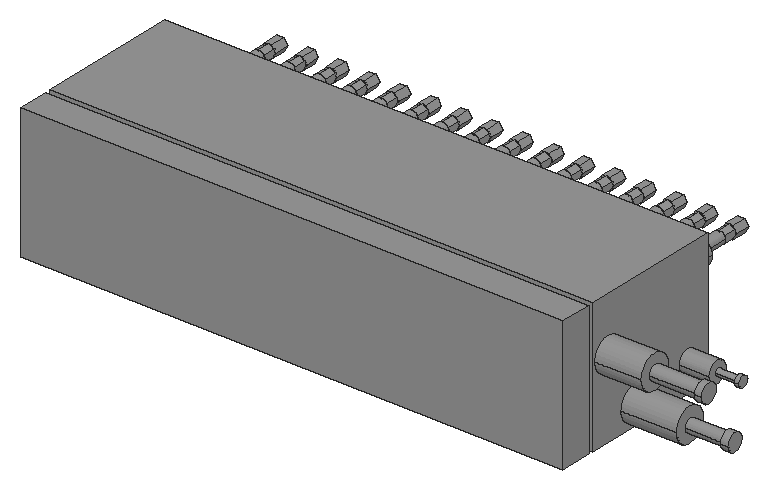
Revit family "BC_Hitachi_CH-BOX-CH-AP16MSSX_LOD400", category Equipement de génie climatique, Revit 2015
Parameters (values of type "CH-AP16MSSX")
  Refrigerant Liquid Pipe connections Diameter = 9.52 mm
  Refrigerant Gas Pipe connections Diameter = 15.88 mm
  Refrigerant Gas Low Pressure Diameter = 25.60 mm
  Refrigerant Liquid Diameter = 12.90 mm
  Rated Frequency (Hz) = "50"
  Product Code = "60292163"
  Overall Width = 1060.00 mm
  Overall Height = 260.00 mm
  Overall Depth = 352.00 mm
  Nominal Voltage = 230 V
  Modèle = "Multi CH-Box"
  Material Pipe = Résine phénolique
  Material Connector = Laiton
  Material Box = Zinc
  Mass = 47.00 kg
  Gas Diameter = 28.58 mm
  Fabricant = "Hitachi"
  Description = "Multi CH-Box 16 branches"
  Commentaires du type = "CH-AP16MSSX"
  CALC_Refrigerant Gas Right = 89.00 mm
  CALC_Refrigerant Gas Low Pressure Diameter = Refrigerant Gas Low Pressure Diameter + 15.00 mm / 2  # 33.10 mm
  CALC_Refrigerant Gas L Left = 250.00 mm
  CALC_Refrigerant Gas High_Low Pressure Diameter = Gas Diameter + 15.00 mm / 2  # 36.08 mm
  CALC_Refrigerant Gas HL Left = 200.00 mm
  CALC_Refrigerant Gas Diameter = Refrigerant Liquid Diameter + 15.00 mm / 2  # 20.40 mm
  CALC_BOX Width = 303.00 mm
Reference planes
  plane 1 "Centre (avant/arrière)": y = 0
  plane 2: z = 0
  plane 3 "Centre (gauche/droite)": x = 0
  plane 4: z = 260
  plane 5 "Back": y = 176
  plane 6 "Front": y = -176
  plane 7 "Left": x = -1060
  plane 8: z = 155
  plane 9: z = 60
  plane 10: y = 375
  plane 11: y = 262
  plane 12: x = 110
  plane 13: x = 198
  plane 14: y = -4
  plane 15: z = 42
  plane 16: z = 156
  plane 17: y = -68
  plane 18: z = 60
  plane 19: y = 126
  plane 20: x = 61.245
  plane 21: x = 175.543
Forms (mm)
  Extrusion 1, solid, material "Zinc" <- "Material Box"
    sketch origin (0, 0, 0) x (1, 0, 0) y (0, 1, 0)
      loop
        line (0, 176) -> (-1060, 176) -> (-1060, -176) -> (0, -176) -> (0, 176)
    from 0 to 260
  Extrusion 2, solid, material "Résine phénolique" <- "Material Pipe"
    sketch origin (0, 0, 75) x (0, 1, 0) y (0, 0, 1)
      loop
        circle (-4, -33) r 32.5
    from 0 to 110
  Extrusion 3, solid, material "Résine phénolique" <- "Material Pipe"
    sketch origin (0, 46.823, 0) x (0, 1, 0) y (0, 0, 1)
      loop
        circle (-114.823, 156) r 32.5
    from 0 to 92.169
  Extrusion 4, solid, material "Résine phénolique" <- "Material Pipe"
    sketch origin (0, 146.283, 43.123) x (0, 1, 0) y (0, 0, 1)
      loop
        circle (-20.283, 16.877) r 20
    from 0 to 59.808
  Extrusion 5, solid, material "Laiton" <- "Material Connector"
    sketch origin (151.5, 0, 0) x (0, -1, 0) y (0, 0, 1)
      loop
        circle (68, 156) r 14.29
    from -33.5 to 59.331
  Extrusion 6, solid, material "Laiton" <- "Material Connector"
    sketch origin (151.5, 0, 0) x (0, -1, 0) y (0, 0, 1)
      loop
        circle (68, 156) r 18.04
    from -46.5 to -33.5
  Extrusion 7, solid, material "Laiton" <- "Material Connector"
    sketch origin (151.5, 0, 0) x (0, -1, 0) y (0, 0, 1)
      loop
        circle (4, 42) r 12.8
    from -31.308 to 41.5
  Extrusion 8, solid, material "Laiton" <- "Material Connector"
    sketch origin (151.5, 0, 0) x (0, -1, 0) y (0, 0, 1)
      loop
        circle (4, 42) r 16.55
    from -46.5 to -31.308
  Extrusion 9, solid, material "Laiton" <- "Material Connector"
    sketch origin (151.5, 0, 0) x (0, -1, 0) y (0, 0, 1)
      loop
        circle (-126, 60) r 6.45
    from 49.363 to 91.692
  Extrusion 10, solid, material "Laiton" <- "Material Connector"
    sketch origin (151.5, 0, 0) x (0, -1, 0) y (0, 0, 1)
      loop
        circle (-126, 60) r 10.2
    from 41.5 to 49.363
  Sweep 11, void
    path in 3D
      loop
        line (0, -109, 260) -> (0, -109, 0) -> (-1060, -109, 0) -> (-1060, -109, 260) -> (0, -109, 260)
    profile origin (-530, -109, 260) x (0, 1, 0) y (0, 0, 1)
      loop
        line (5, 0) -> (-5, 0) -> (-5, -10) -> (5, -10) -> (5, 0)
Cuts and joins
  Sweep 11 cuts Extrusion 1
Lines and regions (mm)
  model lines, style "InvisibleLines", not visible
    curve 1: line (-1060, -109, 0) -> (0, -109, 0)
    curve 2: line (-1060, -109, 260) -> (0, -109, 260)
    curve 4: line (-1060, -109, 260) -> (-1060, -109, 0)
    curve 9: line (0, -109, 260) -> (0, -109, 0)
  model lines, style "InvisibleLines"
    curve 3: line (0, -109, 260) -> (0, -109, 0)
  sketch lines
    curve 5: line (-1060, -109, 260) -> (0, -109, 260)
    curve 6: line (-1060, -109, 260) -> (-1060, -109, 0)
    curve 7: line (-1060, -109, 0) -> (0, -109, 0)
    curve 8: line (0, -109, 260) -> (0, -109, 0)
Dimensions and locks
  "Overall Height": plane 4 to plane 2
  "Overall Width": plane 3 "Centre (gauche/droite)" to plane 7 "Left"
  "Overall Width": plane 7 "Left" to plane 3 "Centre (gauche/droite)"
  "Overall Depth": plane 5 "Back" to plane 6 "Front"
  equal spacing: plane 5 "Back", plane 1 "Centre (avant/arrière)", plane 6 "Front"
  plane 10 to plane 5 "Back" = 199.00 mm
  plane 11 to plane 5 "Back" = 86.00 mm
  locked: plane 7 "Left" to nested 1 at 67
  locked: plane 3 "Centre (gauche/droite)" to plane 12 at 110
  locked: plane 3 "Centre (gauche/droite)" to plane 13 at 198
  plane 5 "Back" to plane 19 = 50.00 mm
  plane 17 to plane 5 "Back" = 244.00 mm
  plane 14 to plane 5 "Back" = 180.00 mm
  plane 19 to plane 5 "Back" = 50.00 mm
  plane 16 to plane 2 = 156.00 mm
  plane 15 to plane 2 = 42.00 mm
  plane 18 to level = 60.00 mm
  plane 2 to plane 9 = 60.00 mm
  plane 2 to plane 8 = 155.00 mm
  nested 1 to nested 2 to nested 3 to nested 4 = 60.00 mm locked, 60.00 mm locked, 60.00 mm locked
  nested 5 to nested 6 to nested 7 to nested 8 = 60.00 mm locked, 60.00 mm locked, 60.00 mm locked
  nested 9 to nested 10 to nested 11 to nested 12 = 60.00 mm locked, 60.00 mm locked, 60.00 mm locked
  nested 13 to nested 14 to nested 15 to nested 16 = 60.00 mm locked, 60.00 mm locked, 60.00 mm locked
  locked: nested 4 to nested 13 at 60
  locked: nested 4 to nested 9 at 60
  nested 17 to nested 18 to nested 19 to nested 20 = 60.00 mm locked, 60.00 mm locked, 60.00 mm locked
  nested 21 to nested 22 to nested 23 to nested 24 = 60.00 mm locked, 60.00 mm locked, 60.00 mm locked
  locked: nested 12 to nested 17 at 60
  locked: nested 16 to nested 21 at 60
  nested 25 to nested 26 to nested 27 to nested 28 = 60.00 mm locked, 60.00 mm locked, 60.00 mm locked
  nested 29 to nested 30 to nested 31 to nested 32 = 60.00 mm locked, 60.00 mm locked, 60.00 mm locked
  "Refrigerant Gas Low Pressure Diameter": diameter of Extrusion 7 sketch curve
  "CALC_Refrigerant Gas Low Pressure Diameter": diameter of Extrusion 8 sketch curve
  diameter of Extrusion 2 sketch curve = 65.00 mm
  "CALC_Refrigerant Gas High_Low Pressure Diameter": diameter of Extrusion 6 sketch curve
  "Gas Diameter": diameter of Extrusion 5 sketch curve
  diameter of Extrusion 3 sketch curve = 65.00 mm
  "CALC_Refrigerant Gas Diameter": diameter of Extrusion 10 sketch curve
  "Refrigerant Liquid Diameter": diameter of Extrusion 9 sketch curve
  aligned and locked: level to plane 2
  aligned and locked: plane 5 "Back" to Extrusion 1 sketch curve
  aligned and locked: plane 3 "Centre (gauche/droite)" to Extrusion 1 sketch curve
  aligned and locked: Extrusion 1 sketch curve to plane 6 "Front"
  aligned and locked: plane 7 "Left" to Extrusion 1 sketch curve
  aligned and locked: plane 4 to Extrusion 1
  aligned and locked: nested 5 to plane 9
  aligned and locked: nested 5 to nested 1
  aligned and locked: Extrusion 2 to plane 3 "Centre (gauche/droite)"
  aligned and locked: plane 15 to Extrusion 2 sketch curve
  aligned and locked: plane 14 to Extrusion 2 sketch curve
  aligned and locked: plane 16 to Extrusion 3 sketch curve
  aligned and locked: plane 17 to Extrusion 3 sketch curve
  aligned and locked: plane 19 to Extrusion 4 sketch curve
  aligned and locked: plane 18 to Extrusion 4 sketch curve
  aligned and locked: plane 5 "Back" to nested 1
  aligned and locked: plane 17 to Extrusion 5 sketch curve
  aligned and locked: plane 16 to Extrusion 5 sketch curve
  aligned and locked: plane 14 to Extrusion 8 sketch curve
  aligned and locked: plane 15 to Extrusion 8 sketch curve
  aligned and locked: plane 14 to Extrusion 7 sketch curve
  aligned and locked: plane 15 to Extrusion 7 sketch curve
  aligned and locked: plane 18 to Extrusion 9 sketch curve
  aligned and locked: plane 19 to Extrusion 9 sketch curve
  aligned and locked: plane 13 to Extrusion 8
  aligned and locked: plane 13 to Extrusion 6
  aligned and locked: nested 1 to plane 8
  aligned and locked: nested 2 to plane 8
  aligned and locked: nested 3 to plane 8
  aligned and locked: nested 4 to plane 8
  aligned and locked: nested 6 to plane 9
  aligned and locked: nested 7 to plane 9
  aligned and locked: nested 8 to plane 9
  aligned and locked: nested 13 to nested 9
  aligned and locked: nested 21 to nested 17
  aligned and locked: nested 29 to nested 25
Automatic sketch dimensions
  curve 1 to plane 7 "Left" = 0.00 mm
  curve 1 to plane 3 "Centre (gauche/droite)" = 0.00 mm
  curve 1 to plane 17 = 41.00 mm
  Sweep 11 sketch curve to profile plane = 0.00 mm
  profile plane to Sweep 11 sketch curve = 5.00 mm
  Sweep 11 sketch curve to profile plane = 5.00 mm
  Sweep 11 sketch curve to profile plane = 10.00 mm
  curve 2 to plane 3 "Centre (gauche/droite)" = 0.00 mm
  curve 2 to plane 7 "Left" = 0.00 mm
  curve 2 to plane 17 = 41.00 mm
  curve 3 to level = 0.00 mm
  curve 9 to plane 4 = 0.00 mm
  curve 9 to level = 0.00 mm
  curve 3 to plane 4 = 0.00 mm
  curve 3 to plane 17 = 41.00 mm
  curve 9 to curve 3 = 0.00 mm
  curve 4 to level = 0.00 mm
  curve 4 to plane 4 = 0.00 mm
  curve 4 to plane 17 = 41.00 mm
  Extrusion 6 sketch curve to plane 16 = 0.00 mm
  Extrusion 6 sketch curve to plane 17 = 0.00 mm
  Extrusion 10 sketch curve to plane 9 = 0.00 mm
  Extrusion 10 sketch curve to plane 19 = 0.00 mm
  radius of Extrusion 4 sketch curve = 20.00 mm
Nested families
  nested 1: "PIPES" at (-993, 176, 155) x (0, 1, 0) z (0, 0, 1), type "PIPES"
    with CALC_Screw TOP 2 28.366 mm, CALC_Screw TOP 1 25.467 mm, CALC_Screw Diam TOP 2 12.00 mm, CALC_Screw Diam TOP 11.00 mm, CALC_Screw Diam 11.00 mm, CALC_PipeDiam2 24.00 mm, CALC_PipeDiam1 55.00 mm, CALC_Pipe L2 51.555 mm, CALC_Pipe L1 93.613 mm
  nested 2: "PIPES" at (-933, 176, 155) x (0, 1, 0) z (0, 0, 1), type "PIPES"
    with CALC_Screw TOP 2 28.366 mm, CALC_Screw TOP 1 25.467 mm, CALC_Screw Diam TOP 2 12.00 mm, CALC_Screw Diam TOP 11.00 mm, CALC_Screw Diam 11.00 mm, CALC_PipeDiam2 24.00 mm, CALC_PipeDiam1 55.00 mm, CALC_Pipe L2 51.555 mm, CALC_Pipe L1 93.613 mm
  nested 3: "PIPES" at (-873, 176, 155) x (0, 1, 0) z (0, 0, 1), type "PIPES"
    with CALC_Screw TOP 2 28.366 mm, CALC_Screw TOP 1 25.467 mm, CALC_Screw Diam TOP 2 12.00 mm, CALC_Screw Diam TOP 11.00 mm, CALC_Screw Diam 11.00 mm, CALC_PipeDiam2 24.00 mm, CALC_PipeDiam1 55.00 mm, CALC_Pipe L2 51.555 mm, CALC_Pipe L1 93.613 mm
  nested 4: "PIPES" at (-813, 176, 155) x (0, 1, 0) z (0, 0, 1), type "PIPES"
    with CALC_Screw TOP 2 28.366 mm, CALC_Screw TOP 1 25.467 mm, CALC_Screw Diam TOP 2 12.00 mm, CALC_Screw Diam TOP 11.00 mm, CALC_Screw Diam 11.00 mm, CALC_PipeDiam2 24.00 mm, CALC_PipeDiam1 55.00 mm, CALC_Pipe L2 51.555 mm, CALC_Pipe L1 93.613 mm
  nested 5: "PIPES" at (-993, 176, 60) x (0, 1, 0) z (0, 0, 1), type "PIPES"
    with CALC_Screw TOP 2 15.179 mm, CALC_Screw TOP 1 12.708 mm, CALC_Screw Diam TOP 2 8.50 mm, CALC_Screw Diam TOP 0.00 mm, CALC_Screw Diam 8.00 mm, CALC_PipeDiam2 16.50 mm, CALC_PipeDiam1 17.00 mm, CALC_Pipe L2 1.975 mm, CALC_Pipe L1 56.139 mm
  nested 6: "PIPES" at (-933, 176, 60) x (0, 1, 0) z (0, 0, 1), type "PIPES"
    with CALC_Screw TOP 2 15.179 mm, CALC_Screw TOP 1 12.708 mm, CALC_Screw Diam TOP 2 8.50 mm, CALC_Screw Diam TOP 0.00 mm, CALC_Screw Diam 8.00 mm, CALC_PipeDiam2 16.50 mm, CALC_PipeDiam1 17.00 mm, CALC_Pipe L2 1.975 mm, CALC_Pipe L1 56.139 mm
  nested 7: "PIPES" at (-873, 176, 60) x (0, 1, 0) z (0, 0, 1), type "PIPES"
    with CALC_Screw TOP 2 15.179 mm, CALC_Screw TOP 1 12.708 mm, CALC_Screw Diam TOP 2 8.50 mm, CALC_Screw Diam TOP 0.00 mm, CALC_Screw Diam 8.00 mm, CALC_PipeDiam2 16.50 mm, CALC_PipeDiam1 17.00 mm, CALC_Pipe L2 1.975 mm, CALC_Pipe L1 56.139 mm
  nested 8: "PIPES" at (-813, 176, 60) x (0, 1, 0) z (0, 0, 1), type "PIPES"
    with CALC_Screw TOP 2 15.179 mm, CALC_Screw TOP 1 12.708 mm, CALC_Screw Diam TOP 2 8.50 mm, CALC_Screw Diam TOP 0.00 mm, CALC_Screw Diam 8.00 mm, CALC_PipeDiam2 16.50 mm, CALC_PipeDiam1 17.00 mm, CALC_Pipe L2 1.975 mm, CALC_Pipe L1 56.139 mm
  nested 9: "PIPES" at (-753, 176, 155) x (0, 1, 0) z (0, 0, 1), type "PIPES"
    with CALC_Screw TOP 2 28.366 mm, CALC_Screw TOP 1 25.467 mm, CALC_Screw Diam TOP 2 12.00 mm, CALC_Screw Diam TOP 11.00 mm, CALC_Screw Diam 11.00 mm, CALC_PipeDiam2 24.00 mm, CALC_PipeDiam1 55.00 mm, CALC_Pipe L2 51.555 mm, CALC_Pipe L1 93.613 mm
  nested 10: "PIPES" at (-693, 176, 155) x (0, 1, 0) z (0, 0, 1), type "PIPES"
    with CALC_Screw TOP 2 28.366 mm, CALC_Screw TOP 1 25.467 mm, CALC_Screw Diam TOP 2 12.00 mm, CALC_Screw Diam TOP 11.00 mm, CALC_Screw Diam 11.00 mm, CALC_PipeDiam2 24.00 mm, CALC_PipeDiam1 55.00 mm, CALC_Pipe L2 51.555 mm, CALC_Pipe L1 93.613 mm
  nested 11: "PIPES" at (-633, 176, 155) x (0, 1, 0) z (0, 0, 1), type "PIPES"
    with CALC_Screw TOP 2 28.366 mm, CALC_Screw TOP 1 25.467 mm, CALC_Screw Diam TOP 2 12.00 mm, CALC_Screw Diam TOP 11.00 mm, CALC_Screw Diam 11.00 mm, CALC_PipeDiam2 24.00 mm, CALC_PipeDiam1 55.00 mm, CALC_Pipe L2 51.555 mm, CALC_Pipe L1 93.613 mm
  nested 12: "PIPES" at (-573, 176, 155) x (0, 1, 0) z (0, 0, 1), type "PIPES"
    with CALC_Screw TOP 2 28.366 mm, CALC_Screw TOP 1 25.467 mm, CALC_Screw Diam TOP 2 12.00 mm, CALC_Screw Diam TOP 11.00 mm, CALC_Screw Diam 11.00 mm, CALC_PipeDiam2 24.00 mm, CALC_PipeDiam1 55.00 mm, CALC_Pipe L2 51.555 mm, CALC_Pipe L1 93.613 mm
  nested 13: "PIPES" at (-753, 176, 60) x (0, 1, 0) z (0, 0, 1), type "PIPES"
    with CALC_Screw TOP 2 15.179 mm, CALC_Screw TOP 1 12.708 mm, CALC_Screw Diam TOP 2 8.50 mm, CALC_Screw Diam TOP 0.00 mm, CALC_Screw Diam 8.00 mm, CALC_PipeDiam2 16.50 mm, CALC_PipeDiam1 17.00 mm, CALC_Pipe L2 1.975 mm, CALC_Pipe L1 56.139 mm
  nested 14: "PIPES" at (-693, 176, 60) x (0, 1, 0) z (0, 0, 1), type "PIPES"
    with CALC_Screw TOP 2 15.179 mm, CALC_Screw TOP 1 12.708 mm, CALC_Screw Diam TOP 2 8.50 mm, CALC_Screw Diam TOP 0.00 mm, CALC_Screw Diam 8.00 mm, CALC_PipeDiam2 16.50 mm, CALC_PipeDiam1 17.00 mm, CALC_Pipe L2 1.975 mm, CALC_Pipe L1 56.139 mm
  nested 15: "PIPES" at (-633, 176, 60) x (0, 1, 0) z (0, 0, 1), type "PIPES"
    with CALC_Screw TOP 2 15.179 mm, CALC_Screw TOP 1 12.708 mm, CALC_Screw Diam TOP 2 8.50 mm, CALC_Screw Diam TOP 0.00 mm, CALC_Screw Diam 8.00 mm, CALC_PipeDiam2 16.50 mm, CALC_PipeDiam1 17.00 mm, CALC_Pipe L2 1.975 mm, CALC_Pipe L1 56.139 mm
  nested 16: "PIPES" at (-573, 176, 60) x (0, 1, 0) z (0, 0, 1), type "PIPES"
    with CALC_Screw TOP 2 15.179 mm, CALC_Screw TOP 1 12.708 mm, CALC_Screw Diam TOP 2 8.50 mm, CALC_Screw Diam TOP 0.00 mm, CALC_Screw Diam 8.00 mm, CALC_PipeDiam2 16.50 mm, CALC_PipeDiam1 17.00 mm, CALC_Pipe L2 1.975 mm, CALC_Pipe L1 56.139 mm
  nested 17: "PIPES" at (-513, 176, 155) x (0, 1, 0) z (0, 0, 1), type "PIPES"
    with CALC_Screw TOP 2 28.366 mm, CALC_Screw TOP 1 25.467 mm, CALC_Screw Diam TOP 2 12.00 mm, CALC_Screw Diam TOP 11.00 mm, CALC_Screw Diam 11.00 mm, CALC_PipeDiam2 24.00 mm, CALC_PipeDiam1 55.00 mm, CALC_Pipe L2 51.555 mm, CALC_Pipe L1 93.613 mm
  nested 18: "PIPES" at (-453, 176, 155) x (0, 1, 0) z (0, 0, 1), type "PIPES"
    with CALC_Screw TOP 2 28.366 mm, CALC_Screw TOP 1 25.467 mm, CALC_Screw Diam TOP 2 12.00 mm, CALC_Screw Diam TOP 11.00 mm, CALC_Screw Diam 11.00 mm, CALC_PipeDiam2 24.00 mm, CALC_PipeDiam1 55.00 mm, CALC_Pipe L2 51.555 mm, CALC_Pipe L1 93.613 mm
  nested 19: "PIPES" at (-393, 176, 155) x (0, 1, 0) z (0, 0, 1), type "PIPES"
    with CALC_Screw TOP 2 28.366 mm, CALC_Screw TOP 1 25.467 mm, CALC_Screw Diam TOP 2 12.00 mm, CALC_Screw Diam TOP 11.00 mm, CALC_Screw Diam 11.00 mm, CALC_PipeDiam2 24.00 mm, CALC_PipeDiam1 55.00 mm, CALC_Pipe L2 51.555 mm, CALC_Pipe L1 93.613 mm
  nested 20: "PIPES" at (-333, 176, 155) x (0, 1, 0) z (0, 0, 1), type "PIPES"
    with CALC_Screw TOP 2 28.366 mm, CALC_Screw TOP 1 25.467 mm, CALC_Screw Diam TOP 2 12.00 mm, CALC_Screw Diam TOP 11.00 mm, CALC_Screw Diam 11.00 mm, CALC_PipeDiam2 24.00 mm, CALC_PipeDiam1 55.00 mm, CALC_Pipe L2 51.555 mm, CALC_Pipe L1 93.613 mm
  nested 21: "PIPES" at (-513, 176, 60) x (0, 1, 0) z (0, 0, 1), type "PIPES"
    with CALC_Screw TOP 2 15.179 mm, CALC_Screw TOP 1 12.708 mm, CALC_Screw Diam TOP 2 8.50 mm, CALC_Screw Diam TOP 0.00 mm, CALC_Screw Diam 8.00 mm, CALC_PipeDiam2 16.50 mm, CALC_PipeDiam1 17.00 mm, CALC_Pipe L2 1.975 mm, CALC_Pipe L1 56.139 mm
  nested 22: "PIPES" at (-453, 176, 60) x (0, 1, 0) z (0, 0, 1), type "PIPES"
    with CALC_Screw TOP 2 15.179 mm, CALC_Screw TOP 1 12.708 mm, CALC_Screw Diam TOP 2 8.50 mm, CALC_Screw Diam TOP 0.00 mm, CALC_Screw Diam 8.00 mm, CALC_PipeDiam2 16.50 mm, CALC_PipeDiam1 17.00 mm, CALC_Pipe L2 1.975 mm, CALC_Pipe L1 56.139 mm
  nested 23: "PIPES" at (-393, 176, 60) x (0, 1, 0) z (0, 0, 1), type "PIPES"
    with CALC_Screw TOP 2 15.179 mm, CALC_Screw TOP 1 12.708 mm, CALC_Screw Diam TOP 2 8.50 mm, CALC_Screw Diam TOP 0.00 mm, CALC_Screw Diam 8.00 mm, CALC_PipeDiam2 16.50 mm, CALC_PipeDiam1 17.00 mm, CALC_Pipe L2 1.975 mm, CALC_Pipe L1 56.139 mm
  nested 24: "PIPES" at (-333, 176, 60) x (0, 1, 0) z (0, 0, 1), type "PIPES"
    with CALC_Screw TOP 2 15.179 mm, CALC_Screw TOP 1 12.708 mm, CALC_Screw Diam TOP 2 8.50 mm, CALC_Screw Diam TOP 0.00 mm, CALC_Screw Diam 8.00 mm, CALC_PipeDiam2 16.50 mm, CALC_PipeDiam1 17.00 mm, CALC_Pipe L2 1.975 mm, CALC_Pipe L1 56.139 mm
  nested 25: "PIPES" at (-273, 176, 155) x (0, 1, 0) z (0, 0, 1), type "PIPES"
    with CALC_Screw TOP 2 28.366 mm, CALC_Screw TOP 1 25.467 mm, CALC_Screw Diam TOP 2 12.00 mm, CALC_Screw Diam TOP 11.00 mm, CALC_Screw Diam 11.00 mm, CALC_PipeDiam2 24.00 mm, CALC_PipeDiam1 55.00 mm, CALC_Pipe L2 51.555 mm, CALC_Pipe L1 93.613 mm
  nested 26: "PIPES" at (-213, 176, 155) x (0, 1, 0) z (0, 0, 1), type "PIPES"
    with CALC_Screw TOP 2 28.366 mm, CALC_Screw TOP 1 25.467 mm, CALC_Screw Diam TOP 2 12.00 mm, CALC_Screw Diam TOP 11.00 mm, CALC_Screw Diam 11.00 mm, CALC_PipeDiam2 24.00 mm, CALC_PipeDiam1 55.00 mm, CALC_Pipe L2 51.555 mm, CALC_Pipe L1 93.613 mm
  nested 27: "PIPES" at (-153, 176, 155) x (0, 1, 0) z (0, 0, 1), type "PIPES"
    with CALC_Screw TOP 2 28.366 mm, CALC_Screw TOP 1 25.467 mm, CALC_Screw Diam TOP 2 12.00 mm, CALC_Screw Diam TOP 11.00 mm, CALC_Screw Diam 11.00 mm, CALC_PipeDiam2 24.00 mm, CALC_PipeDiam1 55.00 mm, CALC_Pipe L2 51.555 mm, CALC_Pipe L1 93.613 mm
  nested 28: "PIPES" at (-93, 176, 155) x (0, 1, 0) z (0, 0, 1), type "PIPES"
    with CALC_Screw TOP 2 28.366 mm, CALC_Screw TOP 1 25.467 mm, CALC_Screw Diam TOP 2 12.00 mm, CALC_Screw Diam TOP 11.00 mm, CALC_Screw Diam 11.00 mm, CALC_PipeDiam2 24.00 mm, CALC_PipeDiam1 55.00 mm, CALC_Pipe L2 51.555 mm, CALC_Pipe L1 93.613 mm
  nested 29: "PIPES" at (-273, 176, 60) x (0, 1, 0) z (0, 0, 1), type "PIPES"
    with CALC_Screw TOP 2 15.179 mm, CALC_Screw TOP 1 12.708 mm, CALC_Screw Diam TOP 2 8.50 mm, CALC_Screw Diam TOP 0.00 mm, CALC_Screw Diam 8.00 mm, CALC_PipeDiam2 16.50 mm, CALC_PipeDiam1 17.00 mm, CALC_Pipe L2 1.975 mm, CALC_Pipe L1 56.139 mm
  nested 30: "PIPES" at (-213, 176, 60) x (0, 1, 0) z (0, 0, 1), type "PIPES"
    with CALC_Screw TOP 2 15.179 mm, CALC_Screw TOP 1 12.708 mm, CALC_Screw Diam TOP 2 8.50 mm, CALC_Screw Diam TOP 0.00 mm, CALC_Screw Diam 8.00 mm, CALC_PipeDiam2 16.50 mm, CALC_PipeDiam1 17.00 mm, CALC_Pipe L2 1.975 mm, CALC_Pipe L1 56.139 mm
  nested 31: "PIPES" at (-153, 176, 60) x (0, 1, 0) z (0, 0, 1), type "PIPES"
    with CALC_Screw TOP 2 15.179 mm, CALC_Screw TOP 1 12.708 mm, CALC_Screw Diam TOP 2 8.50 mm, CALC_Screw Diam TOP 0.00 mm, CALC_Screw Diam 8.00 mm, CALC_PipeDiam2 16.50 mm, CALC_PipeDiam1 17.00 mm, CALC_Pipe L2 1.975 mm, CALC_Pipe L1 56.139 mm
  nested 32: "PIPES" at (-93, 176, 60) x (0, 1, 0) z (0, 0, 1), type "PIPES"
    with CALC_Screw TOP 2 15.179 mm, CALC_Screw TOP 1 12.708 mm, CALC_Screw Diam TOP 2 8.50 mm, CALC_Screw Diam TOP 0.00 mm, CALC_Screw Diam 8.00 mm, CALC_PipeDiam2 16.50 mm, CALC_PipeDiam1 17.00 mm, CALC_Pipe L2 1.975 mm, CALC_Pipe L1 56.139 mm
Connectors
  piping at (198, -68, 156), diameter 28.58, driven by "Gas Diameter"
    settings: on Extrusion 6, index 1, connector inside diameter 609.6 mm, connector length 0.00 mm, flow factor 0, pipe flow 0.0 L/s, pressure drop 0.0 Pa, fitting loss kfactor 0, connector angle 0.00°, fixture units 0, engagement length 0.00 mm, angle of deflection 0.00°, flow configuration 0, flow direction 0, fitting loss method 0, system type 22, joint type 0, gender type 0, connector reference index -1, connector utility 0, adjustable connector no, is connector primary yes, connector description "Refrigerant gas High/Low Pressure"
  piping at (198, -4, 42), diameter 25.6, driven by "Refrigerant Gas Low Pressure Diameter"
    settings: on Extrusion 8, index 2, connector inside diameter 609.6 mm, connector length 0.00 mm, flow factor 0, pipe flow 0.0 L/s, pressure drop 0.0 Pa, fitting loss kfactor 0, connector angle 0.00°, fixture units 0, engagement length 0.00 mm, angle of deflection 0.00°, flow configuration 0, flow direction 0, fitting loss method 0, system type 22, joint type 0, gender type 0, connector reference index -1, connector utility 0, adjustable connector no, is connector primary no, connector description "Refrigerant gas Low Pressure"
  piping at (110, 126, 60), diameter 12.9, driven by "Refrigerant Liquid Diameter"
    settings: on Extrusion 10, index 3, connector inside diameter 609.6 mm, connector length 0.00 mm, flow factor 0, pipe flow 0.0 L/s, pressure drop 0.0 Pa, fitting loss kfactor 0, connector angle 0.00°, fixture units 0, engagement length 0.00 mm, angle of deflection 0.00°, flow configuration 0, flow direction 0, fitting loss method 0, system type 22, joint type 0, gender type 0, connector reference index -1, connector utility 0, adjustable connector no, is connector primary no, connector description "Refrigerant Liquid"
  piping at (-813, 375, 155), diameter 15.88, driven by "Refrigerant Gas Pipe connections Diameter"
    settings: on nested 4, index 4, connector inside diameter 609.6 mm, connector length 0.00 mm, flow factor 0, pipe flow 0.0 L/s, pressure drop 0.0 Pa, fitting loss kfactor 0, connector angle 0.00°, fixture units 0, engagement length 0.00 mm, angle of deflection 0.00°, flow configuration 0, flow direction 0, fitting loss method 0, system type 22, joint type 0, gender type 0, connector reference index -1, connector utility 0, adjustable connector no, is connector primary no, connector description "Refrigerant Gas Pipe D"
  piping at (-873, 375, 155), diameter 15.88, driven by "Refrigerant Gas Pipe connections Diameter"
    settings: on nested 3, index 5, connector inside diameter 609.6 mm, connector length 0.00 mm, flow factor 0, pipe flow 0.0 L/s, pressure drop 0.0 Pa, fitting loss kfactor 0, connector angle 0.00°, fixture units 0, engagement length 0.00 mm, angle of deflection 0.00°, flow configuration 0, flow direction 0, fitting loss method 0, system type 22, joint type 0, gender type 0, connector reference index -1, connector utility 0, adjustable connector no, is connector primary no, connector description "Refrigerant Gas Pipe C"
  piping at (-933, 375, 155), diameter 15.88, driven by "Refrigerant Gas Pipe connections Diameter"
    settings: on nested 2, index 6, connector inside diameter 609.6 mm, connector length 0.00 mm, flow factor 0, pipe flow 0.0 L/s, pressure drop 0.0 Pa, fitting loss kfactor 0, connector angle 0.00°, fixture units 0, engagement length 0.00 mm, angle of deflection 0.00°, flow configuration 0, flow direction 0, fitting loss method 0, system type 22, joint type 0, gender type 0, connector reference index -1, connector utility 0, adjustable connector no, is connector primary no, connector description "Refrigerant Gas Pipe B"
  piping at (-993, 375, 155), diameter 15.88, driven by "Refrigerant Gas Pipe connections Diameter"
    settings: on nested 1, index 7, connector inside diameter 609.6 mm, connector length 0.00 mm, flow factor 0, pipe flow 0.0 L/s, pressure drop 0.0 Pa, fitting loss kfactor 0, connector angle 0.00°, fixture units 0, engagement length 0.00 mm, angle of deflection 0.00°, flow configuration 0, flow direction 0, fitting loss method 0, system type 22, joint type 0, gender type 0, connector reference index -1, connector utility 0, adjustable connector no, is connector primary no, connector description "Refrigerant Gas Pipe A"
  piping at (-993, 262, 60), diameter 9.52, driven by "Refrigerant Liquid Pipe connections Diameter"
    settings: on nested 5, index 8, connector inside diameter 609.6 mm, connector length 0.00 mm, flow factor 0, pipe flow 0.0 L/s, pressure drop 0.0 Pa, fitting loss kfactor 0, connector angle 0.00°, fixture units 0, engagement length 0.00 mm, angle of deflection 0.00°, flow configuration 0, flow direction 0, fitting loss method 0, system type 22, joint type 0, gender type 0, connector reference index -1, connector utility 0, adjustable connector no, is connector primary no, connector description "Refrigerant Liquid Pipe A"
  piping at (-933, 262, 60), diameter 9.52, driven by "Refrigerant Liquid Pipe connections Diameter"
    settings: on nested 6, index 9, connector inside diameter 609.6 mm, connector length 0.00 mm, flow factor 0, pipe flow 0.0 L/s, pressure drop 0.0 Pa, fitting loss kfactor 0, connector angle 0.00°, fixture units 0, engagement length 0.00 mm, angle of deflection 0.00°, flow configuration 0, flow direction 0, fitting loss method 0, system type 22, joint type 0, gender type 0, connector reference index -1, connector utility 0, adjustable connector no, is connector primary no, connector description "Refrigerant Liquid Pipe B"
  piping at (-873, 262, 60), diameter 9.52, driven by "Refrigerant Liquid Pipe connections Diameter"
    settings: on nested 7, index 10, connector inside diameter 609.6 mm, connector length 0.00 mm, flow factor 0, pipe flow 0.0 L/s, pressure drop 0.0 Pa, fitting loss kfactor 0, connector angle 0.00°, fixture units 0, engagement length 0.00 mm, angle of deflection 0.00°, flow configuration 0, flow direction 0, fitting loss method 0, system type 22, joint type 0, gender type 0, connector reference index -1, connector utility 0, adjustable connector no, is connector primary no, connector description "Refrigerant Liquid Pipe C"
  piping at (-813, 262, 60), diameter 9.52, driven by "Refrigerant Liquid Pipe connections Diameter"
    settings: on nested 8, index 11, connector inside diameter 609.6 mm, connector length 0.00 mm, flow factor 0, pipe flow 0.0 L/s, pressure drop 0.0 Pa, fitting loss kfactor 0, connector angle 0.00°, fixture units 0, engagement length 0.00 mm, angle of deflection 0.00°, flow configuration 0, flow direction 0, fitting loss method 0, system type 22, joint type 0, gender type 0, connector reference index -1, connector utility 0, adjustable connector no, is connector primary no, connector description "Refrigerant Liquid Pipe D"
  piping at (-573, 375, 155), diameter 15.88, driven by "Refrigerant Gas Pipe connections Diameter"
    settings: on nested 12, index 12, connector inside diameter 609.6 mm, connector length 0.00 mm, flow factor 0, pipe flow 0.0 L/s, pressure drop 0.0 Pa, fitting loss kfactor 0, connector angle 0.00°, fixture units 0, engagement length 0.00 mm, angle of deflection 0.00°, flow configuration 0, flow direction 0, fitting loss method 0, system type 22, joint type 0, gender type 0, connector reference index -1, connector utility 0, adjustable connector no, is connector primary no, connector description "Refrigerant Gas Pipe H"
  piping at (-633, 375, 155), diameter 15.88, driven by "Refrigerant Gas Pipe connections Diameter"
    settings: on nested 11, index 13, connector inside diameter 609.6 mm, connector length 0.00 mm, flow factor 0, pipe flow 0.0 L/s, pressure drop 0.0 Pa, fitting loss kfactor 0, connector angle 0.00°, fixture units 0, engagement length 0.00 mm, angle of deflection 0.00°, flow configuration 0, flow direction 0, fitting loss method 0, system type 22, joint type 0, gender type 0, connector reference index -1, connector utility 0, adjustable connector no, is connector primary no, connector description "Refrigerant Gas Pipe G"
  piping at (-693, 375, 155), diameter 15.88, driven by "Refrigerant Gas Pipe connections Diameter"
    settings: on nested 10, index 14, connector inside diameter 609.6 mm, connector length 0.00 mm, flow factor 0, pipe flow 0.0 L/s, pressure drop 0.0 Pa, fitting loss kfactor 0, connector angle 0.00°, fixture units 0, engagement length 0.00 mm, angle of deflection 0.00°, flow configuration 0, flow direction 0, fitting loss method 0, system type 22, joint type 0, gender type 0, connector reference index -1, connector utility 0, adjustable connector no, is connector primary no, connector description "Refrigerant Gas Pipe F"
  piping at (-753, 375, 155), diameter 15.88, driven by "Refrigerant Gas Pipe connections Diameter"
    settings: on nested 9, index 15, connector inside diameter 609.6 mm, connector length 0.00 mm, flow factor 0, pipe flow 0.0 L/s, pressure drop 0.0 Pa, fitting loss kfactor 0, connector angle 0.00°, fixture units 0, engagement length 0.00 mm, angle of deflection 0.00°, flow configuration 0, flow direction 0, fitting loss method 0, system type 22, joint type 0, gender type 0, connector reference index -1, connector utility 0, adjustable connector no, is connector primary no, connector description "Refrigerant Gas Pipe E"
  piping at (-753, 262, 60), diameter 9.52, driven by "Refrigerant Liquid Pipe connections Diameter"
    settings: on nested 13, index 16, connector inside diameter 609.6 mm, connector length 0.00 mm, flow factor 0, pipe flow 0.0 L/s, pressure drop 0.0 Pa, fitting loss kfactor 0, connector angle 0.00°, fixture units 0, engagement length 0.00 mm, angle of deflection 0.00°, flow configuration 0, flow direction 0, fitting loss method 0, system type 22, joint type 0, gender type 0, connector reference index -1, connector utility 0, adjustable connector no, is connector primary no, connector description "Refrigerant Liquid Pipe E"
  piping at (-693, 262, 60), diameter 9.52, driven by "Refrigerant Liquid Pipe connections Diameter"
    settings: on nested 14, index 17, connector inside diameter 609.6 mm, connector length 0.00 mm, flow factor 0, pipe flow 0.0 L/s, pressure drop 0.0 Pa, fitting loss kfactor 0, connector angle 0.00°, fixture units 0, engagement length 0.00 mm, angle of deflection 0.00°, flow configuration 0, flow direction 0, fitting loss method 0, system type 22, joint type 0, gender type 0, connector reference index -1, connector utility 0, adjustable connector no, is connector primary no, connector description "Refrigerant Liquid Pipe F"
  piping at (-633, 262, 60), diameter 9.52, driven by "Refrigerant Liquid Pipe connections Diameter"
    settings: on nested 15, index 18, connector inside diameter 609.6 mm, connector length 0.00 mm, flow factor 0, pipe flow 0.0 L/s, pressure drop 0.0 Pa, fitting loss kfactor 0, connector angle 0.00°, fixture units 0, engagement length 0.00 mm, angle of deflection 0.00°, flow configuration 0, flow direction 0, fitting loss method 0, system type 22, joint type 0, gender type 0, connector reference index -1, connector utility 0, adjustable connector no, is connector primary no, connector description "Refrigerant Liquid Pipe G"
  piping at (-573, 262, 60), diameter 9.52, driven by "Refrigerant Liquid Pipe connections Diameter"
    settings: on nested 16, index 19, connector inside diameter 609.6 mm, connector length 0.00 mm, flow factor 0, pipe flow 0.0 L/s, pressure drop 0.0 Pa, fitting loss kfactor 0, connector angle 0.00°, fixture units 0, engagement length 0.00 mm, angle of deflection 0.00°, flow configuration 0, flow direction 0, fitting loss method 0, system type 22, joint type 0, gender type 0, connector reference index -1, connector utility 0, adjustable connector no, is connector primary no, connector description "Refrigerant Liquid Pipe H"
  piping at (-453, 375, 155), diameter 15.88, driven by "Refrigerant Gas Pipe connections Diameter"
    settings: on nested 18, index 20, connector inside diameter 609.6 mm, connector length 0.00 mm, flow factor 0, pipe flow 0.0 L/s, pressure drop 0.0 Pa, fitting loss kfactor 0, connector angle 0.00°, fixture units 0, engagement length 0.00 mm, angle of deflection 0.00°, flow configuration 0, flow direction 0, fitting loss method 0, system type 22, joint type 0, gender type 0, connector reference index -1, connector utility 0, adjustable connector no, is connector primary no, connector description "Refrigerant Gas Pipe J"
  piping at (-513, 375, 155), diameter 15.88, driven by "Refrigerant Gas Pipe connections Diameter"
    settings: on nested 17, index 21, connector inside diameter 609.6 mm, connector length 0.00 mm, flow factor 0, pipe flow 0.0 L/s, pressure drop 0.0 Pa, fitting loss kfactor 0, connector angle 0.00°, fixture units 0, engagement length 0.00 mm, angle of deflection 0.00°, flow configuration 0, flow direction 0, fitting loss method 0, system type 22, joint type 0, gender type 0, connector reference index -1, connector utility 0, adjustable connector no, is connector primary no, connector description "Refrigerant Gas Pipe I"
  piping at (-513, 262, 60), diameter 9.52, driven by "Refrigerant Liquid Pipe connections Diameter"
    settings: on nested 21, index 22, connector inside diameter 609.6 mm, connector length 0.00 mm, flow factor 0, pipe flow 0.0 L/s, pressure drop 0.0 Pa, fitting loss kfactor 0, connector angle 0.00°, fixture units 0, engagement length 0.00 mm, angle of deflection 0.00°, flow configuration 0, flow direction 0, fitting loss method 0, system type 22, joint type 0, gender type 0, connector reference index -1, connector utility 0, adjustable connector no, is connector primary no, connector description "Refrigerant Liquid Pipe I"
  piping at (-453, 262, 60), diameter 9.52, driven by "Refrigerant Liquid Pipe connections Diameter"
    settings: on nested 22, index 23, connector inside diameter 609.6 mm, connector length 0.00 mm, flow factor 0, pipe flow 0.0 L/s, pressure drop 0.0 Pa, fitting loss kfactor 0, connector angle 0.00°, fixture units 0, engagement length 0.00 mm, angle of deflection 0.00°, flow configuration 0, flow direction 0, fitting loss method 0, system type 22, joint type 0, gender type 0, connector reference index -1, connector utility 0, adjustable connector no, is connector primary no, connector description "Refrigerant Liquid Pipe J"
  piping at (-333, 375, 155), diameter 15.88, driven by "Refrigerant Gas Pipe connections Diameter"
    settings: on nested 20, index 24, connector inside diameter 609.6 mm, connector length 0.00 mm, flow factor 0, pipe flow 0.0 L/s, pressure drop 0.0 Pa, fitting loss kfactor 0, connector angle 0.00°, fixture units 0, engagement length 0.00 mm, angle of deflection 0.00°, flow configuration 0, flow direction 0, fitting loss method 0, system type 22, joint type 0, gender type 0, connector reference index -1, connector utility 0, adjustable connector no, is connector primary no, connector description "Refrigerant Gas Pipe L"
  piping at (-333, 262, 60), diameter 9.52, driven by "Refrigerant Liquid Pipe connections Diameter"
    settings: on nested 24, index 25, connector inside diameter 609.6 mm, connector length 0.00 mm, flow factor 0, pipe flow 0.0 L/s, pressure drop 0.0 Pa, fitting loss kfactor 0, connector angle 0.00°, fixture units 0, engagement length 0.00 mm, angle of deflection 0.00°, flow configuration 0, flow direction 0, fitting loss method 0, system type 22, joint type 0, gender type 0, connector reference index -1, connector utility 0, adjustable connector no, is connector primary no, connector description "Refrigerant Liquid Pipe L"
  piping at (-393, 375, 155), diameter 15.88, driven by "Refrigerant Gas Pipe connections Diameter"
    settings: on nested 19, index 26, connector inside diameter 609.6 mm, connector length 0.00 mm, flow factor 0, pipe flow 0.0 L/s, pressure drop 0.0 Pa, fitting loss kfactor 0, connector angle 0.00°, fixture units 0, engagement length 0.00 mm, angle of deflection 0.00°, flow configuration 0, flow direction 0, fitting loss method 0, system type 22, joint type 0, gender type 0, connector reference index -1, connector utility 0, adjustable connector no, is connector primary no, connector description "Refrigerant Gas Pipe K"
  piping at (-393, 262, 60), diameter 9.52, driven by "Refrigerant Liquid Pipe connections Diameter"
    settings: on nested 23, index 27, connector inside diameter 609.6 mm, connector length 0.00 mm, flow factor 0, pipe flow 0.0 L/s, pressure drop 0.0 Pa, fitting loss kfactor 0, connector angle 0.00°, fixture units 0, engagement length 0.00 mm, angle of deflection 0.00°, flow configuration 0, flow direction 0, fitting loss method 0, system type 22, joint type 0, gender type 0, connector reference index -1, connector utility 0, adjustable connector no, is connector primary no, connector description "Refrigerant Liquid Pipe K"
  piping at (-213, 375, 155), diameter 15.88, driven by "Refrigerant Gas Pipe connections Diameter"
    settings: on nested 26, index 28, connector inside diameter 609.6 mm, connector length 0.00 mm, flow factor 0, pipe flow 0.0 L/s, pressure drop 0.0 Pa, fitting loss kfactor 0, connector angle 0.00°, fixture units 0, engagement length 0.00 mm, angle of deflection 0.00°, flow configuration 0, flow direction 0, fitting loss method 0, system type 22, joint type 0, gender type 0, connector reference index -1, connector utility 0, adjustable connector no, is connector primary no, connector description "Refrigerant Gas Pipe N"
  piping at (-273, 375, 155), diameter 15.88, driven by "Refrigerant Gas Pipe connections Diameter"
    settings: on nested 25, index 29, connector inside diameter 609.6 mm, connector length 0.00 mm, flow factor 0, pipe flow 0.0 L/s, pressure drop 0.0 Pa, fitting loss kfactor 0, connector angle 0.00°, fixture units 0, engagement length 0.00 mm, angle of deflection 0.00°, flow configuration 0, flow direction 0, fitting loss method 0, system type 22, joint type 0, gender type 0, connector reference index -1, connector utility 0, adjustable connector no, is connector primary no, connector description "Refrigerant Gas Pipe M"
  piping at (-273, 262, 60), diameter 9.52, driven by "Refrigerant Liquid Pipe connections Diameter"
    settings: on nested 29, index 30, connector inside diameter 609.6 mm, connector length 0.00 mm, flow factor 0, pipe flow 0.0 L/s, pressure drop 0.0 Pa, fitting loss kfactor 0, connector angle 0.00°, fixture units 0, engagement length 0.00 mm, angle of deflection 0.00°, flow configuration 0, flow direction 0, fitting loss method 0, system type 22, joint type 0, gender type 0, connector reference index -1, connector utility 0, adjustable connector no, is connector primary no, connector description "Refrigerant Liquid Pipe M"
  piping at (-213, 262, 60), diameter 9.52, driven by "Refrigerant Liquid Pipe connections Diameter"
    settings: on nested 30, index 31, connector inside diameter 609.6 mm, connector length 0.00 mm, flow factor 0, pipe flow 0.0 L/s, pressure drop 0.0 Pa, fitting loss kfactor 0, connector angle 0.00°, fixture units 0, engagement length 0.00 mm, angle of deflection 0.00°, flow configuration 0, flow direction 0, fitting loss method 0, system type 22, joint type 0, gender type 0, connector reference index -1, connector utility 0, adjustable connector no, is connector primary no, connector description "Refrigerant Liquid Pipe N"
  piping at (-93, 375, 155), diameter 15.88, driven by "Refrigerant Gas Pipe connections Diameter"
    settings: on nested 28, index 32, connector inside diameter 609.6 mm, connector length 0.00 mm, flow factor 0, pipe flow 0.0 L/s, pressure drop 0.0 Pa, fitting loss kfactor 0, connector angle 0.00°, fixture units 0, engagement length 0.00 mm, angle of deflection 0.00°, flow configuration 0, flow direction 0, fitting loss method 0, system type 22, joint type 0, gender type 0, connector reference index -1, connector utility 0, adjustable connector no, is connector primary no, connector description "Refrigerant Gas Pipe P"
  piping at (-93, 262, 60), diameter 9.52, driven by "Refrigerant Liquid Pipe connections Diameter"
    settings: on nested 32, index 33, connector inside diameter 609.6 mm, connector length 0.00 mm, flow factor 0, pipe flow 0.0 L/s, pressure drop 0.0 Pa, fitting loss kfactor 0, connector angle 0.00°, fixture units 0, engagement length 0.00 mm, angle of deflection 0.00°, flow configuration 0, flow direction 0, fitting loss method 0, system type 22, joint type 0, gender type 0, connector reference index -1, connector utility 0, adjustable connector no, is connector primary no, connector description "Refrigerant Liquid Pipe P"
  piping at (-153, 375, 155), diameter 15.88, driven by "Refrigerant Gas Pipe connections Diameter"
    settings: on nested 27, index 34, connector inside diameter 609.6 mm, connector length 0.00 mm, flow factor 0, pipe flow 0.0 L/s, pressure drop 0.0 Pa, fitting loss kfactor 0, connector angle 0.00°, fixture units 0, engagement length 0.00 mm, angle of deflection 0.00°, flow configuration 0, flow direction 0, fitting loss method 0, system type 22, joint type 0, gender type 0, connector reference index -1, connector utility 0, adjustable connector no, is connector primary no, connector description "Refrigerant Gas Pipe O"
  piping at (-153, 262, 60), diameter 9.52, driven by "Refrigerant Liquid Pipe connections Diameter"
    settings: on nested 31, index 35, connector inside diameter 609.6 mm, connector length 0.00 mm, flow factor 0, pipe flow 0.0 L/s, pressure drop 0.0 Pa, fitting loss kfactor 0, connector angle 0.00°, fixture units 0, engagement length 0.00 mm, angle of deflection 0.00°, flow configuration 0, flow direction 0, fitting loss method 0, system type 22, joint type 0, gender type 0, connector reference index -1, connector utility 0, adjustable connector no, is connector primary no, connector description "Refrigerant Liquid Pipe O"
Definition of nested family "PIPES"
  Parameters (values of type "PIPES")
    Material Screw = none
    Material Pipe = none
    Default Elevation = 1219.20 mm
    CALC_Screw TOP 2 [instance] = 70.00 mm
    CALC_Screw TOP 1 [instance] = 107.333 mm
    CALC_Screw Diam TOP 2 [instance] = 25.00 mm
    CALC_Screw Diam TOP [instance] = 35.00 mm
    CALC_Screw Diam [instance] = 15.00 mm
    CALC_PipeDiam2 [instance] = 20.00 mm
    CALC_PipeDiam1 [instance] = 30.00 mm
    CALC_Pipe L2 [instance] = 75.447 mm
    CALC_Pipe L1 [instance] = 38.00 mm
    CALC_Angle Screw = 120.00°
  Reference planes
    plane 1 "Centre (avant/arrière)": y = 0
    plane 2: z = 0
    plane 3 "Centre (gauche/droite)": x = 0
    plane 4: x = 38
    plane 5: x = 220.781
    plane 6: x = 290.781
    plane 7: x = 113.447
  Forms (mm)
    Extrusion 1, solid, material <- "Material Pipe"
      sketch origin (0, 0, 0) x (0, 1, 0) y (0, 0, 1)
        loop
          circle (0, 0) r 15
      from 0 to 38
    Extrusion 2, solid, material <- "Material Screw"
      sketch origin (0, 0, 0) x (0, 1, 0) y (0, 0, 1)
        loop
          line (0, 17.321) -> (-15, 8.66) -> (-15, -8.66) -> (0, -17.321) -> (15, -8.66) -> (15, 8.66) -> (0, 17.321)
      from 113.447 to 220.781
    Extrusion 3, solid, material <- "Material Screw"
      sketch origin (0, 0, 0) x (0, 1, 0) y (0, 0, 1)
        loop
          line (28.868, 0) -> (14.434, 25) -> (-14.434, 25) -> (-28.868, 0) -> (-14.434, -25) -> (14.434, -25) -> (28.868, 0)
      from 220.781 to 290.781
    Extrusion 4, solid, material <- "Material Pipe"
      sketch origin (0, 0, 0) x (0, 1, 0) y (0, 0, 1)
        loop
          circle (0, 0) r 10
      from 38 to 113.447
  Dimensions and locks
    "CALC_Screw Diam": Extrusion 2 sketch curve to plane 1 "Centre (avant/arrière)"  (x5)
    "CALC_Screw Diam": plane 1 "Centre (avant/arrière)" to Extrusion 2 sketch curve
    "CALC_Screw Diam TOP 2": Extrusion 3 sketch curve to plane 1 "Centre (avant/arrière)"  (x5)
    "CALC_Screw Diam TOP 2": Extrusion 3 sketch curve to plane 2
    "CALC_Pipe L1": plane 3 "Centre (gauche/droite)" to plane 4
    "CALC_Pipe L2": plane 4 to plane 7
    "CALC_Screw TOP 1": plane 7 to plane 5
    "CALC_Screw TOP 2": plane 5 to plane 6
    "CALC_PipeDiam1": diameter of Extrusion 1 sketch curve
    "CALC_PipeDiam2": diameter of Extrusion 4 sketch curve
    "CALC_Angle Screw": angle Extrusion 2 sketch curve to Extrusion 2 sketch curve  (x3)
    "CALC_Angle Screw": angle Extrusion 3 sketch curve to Extrusion 3 sketch curve  (x3)
    aligned and locked: level to plane 2
    aligned and locked: Extrusion 3 to plane 6
    aligned and locked: plane 5 to Extrusion 3
    aligned and locked: Extrusion 2 to plane 5
    aligned and locked: plane 4 to Extrusion 1
    aligned and locked: plane 4 to Extrusion 4
    aligned and locked: Extrusion 4 to plane 7
    aligned and locked: plane 7 to Extrusion 2
  Automatic sketch dimensions
    Extrusion 1 sketch curve to level = 0.00 mm
    Extrusion 1 sketch curve to plane 1 "Centre (avant/arrière)" = 0.00 mm
    Extrusion 2 sketch curve to plane 1 "Centre (avant/arrière)" = 0.00 mm
    Extrusion 3 sketch curve to level = 0.00 mm
    Extrusion 4 sketch curve to level = 0.00 mm
    Extrusion 4 sketch curve to plane 1 "Centre (avant/arrière)" = 0.00 mm
